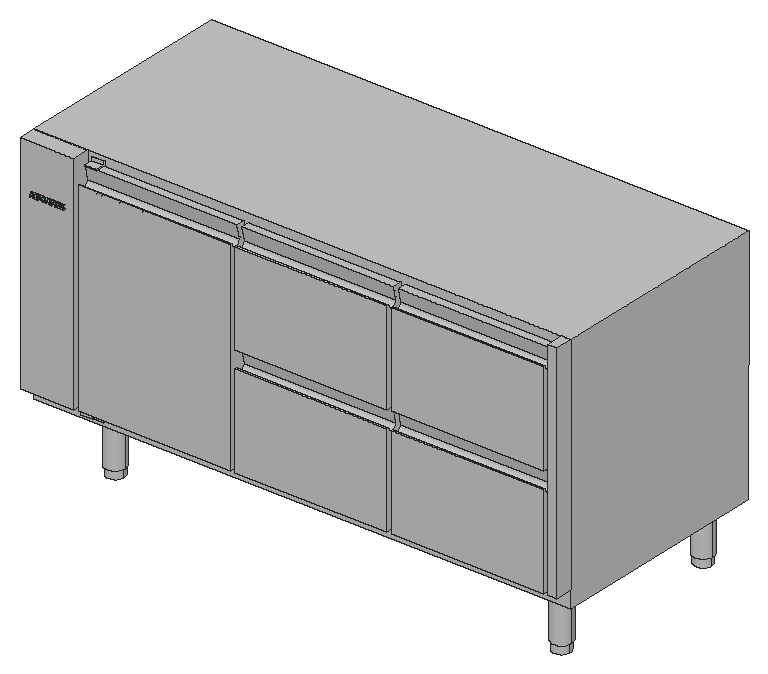
Revit family "QF_ALPENINOX_712153_AK3R7ABB", category Specialty Equipment, Revit 2018
Family settings
  Round Connector Dimension = Use Diameter
  Part Type = Normal
  Work Plane-Based = No
  Always vertical = Yes
  Cut with Voids When Loaded = No
  Shared = No
  Room Calculation Point = No
Parameters
  Weight = 0.00 kg
  Watts = 2.78709 W
  Volts = 220 V
  URL Manufacturer = "http://www.alpeninox.com"
  URL = "http://www.alpeninox.com"
  Steam Supply Size = 0 mm
  Steam Supply Minimum Pressure = 0.0 Pa
  Steam Supply Maximum Pressure = 0.0 Pa
  Steam Pounds per Hour = 0
  Refrigeration Suction Line Size = 0 mm
  Refrigeration Liquid Line Size = 0 mm
  Refrigerant Compressor Remote = yes
  Manufacturer = "Alpeninox"
  Phase = 1
  Model = "AK3R7ABB"
  Length Actual = 1557 mm  # constant formula
  Length = 1557 mm
  Item Number = "712153"
  Hot Water Size = 0 mm
  Height Actual = 850 mm  # constant formula
  Height = 700 mm
  HP = "0 HP"
  Gas Size = 0 mm
  Gas KW = 0
  Gas Input Pressure = 0 W
  Depth Actual = 700 mm  # constant formula
  Depth = 695 mm
  Description = "1 DOOR+4x½ DRAWER REF.TABLE -2C REM NO TOP"
  Cycle = 60 Hz
  Condensate Return Size = 0 mm
  Compressed Air Volume = 0.0 L/s
  Compressed Air Size = 0 mm
  Compressed Air Pressure = 0.0 Pa
  Cold Water Size = 0 mm
  Accessory = yes
Reference planes
  plane 1: z = 0
  plane 2 "Center (Left/Right)": x = -124.5
  plane 3 "Center (Front/Back)": y = 64.5
  plane 4 "FEET": z = 150
  plane 5 "TOP": z = 900
  plane 6 "PLAIN": z = 850
  plane 7 "EI_back": y = 359
  plane 8 "EI_left": x = -837
  plane 9 "BACK": y = 412
  plane 10 "FRONT": y = -283
  plane 11 "DOOR": y = -233
  plane 12 "LEFT": x = -903
  plane 13 "RIGHT": x = 654
  plane 14: x = -878
  plane 15: x = 629
  plane 16 "RO_left": x = -863
  plane 17 "RI_left": x = -811
  plane 18 "RO_back": y = 375.5
  plane 19 "RI_back": y = 375.5
  plane 20 "DRAINleft": x = -837
  plane 21 "DRAINback": y = 164
Forms (mm)
  Extrusion 1, solid, material "QF_Finishes_Stainless Steel"
    sketch origin (-1022.223, -1524, 150) x (-1, 0, 0) y (0, -1, 0)
      loop
        circle (-185.223, -1883) r 5
    from 0 to -40
  Extrusion 2, solid, material "QF_Finishes_Stainless Steel"
    sketch origin (-1022.223, -1524, 150) x (-1, 0, 0) y (0, -1, 0)
      loop
        line (-1651.223, -1291) -> (-1651.223, -1241) -> (-1676.223, -1241) -> (-1676.223, -1291) -> (-1651.223, -1291)
    from 48 to 700 <- "Height"
  Extrusion 3, solid, material "QF_Finishes_Stainless Steel"
    sketch origin (-1022.223, -1524, 150) x (-1, 0, 0) y (0, -1, 0)
      loop
        circle (-159.223, -1899.5) r 4.25
    from 0 to -20
  Extrusion 4, solid, material "QF_Finishes_Stainless Steel"
    sketch origin (-1022.223, -1524, 150) x (-1, 0, 0) y (0, -1, 0)
      loop
        circle (-211.223, -1899.5) r 4
    from 0 to -20
  Extrusion 5, solid, material "QF_Finishes_Stainless Steel"
    sketch origin (-1022.223, -1524, 150) x (-1, 0, 0) y (0, -1, 0)
      loop
        circle (-185.223, -1688) r 8.5
    from 0 to -40
  Extrusion 6, solid, material "QF_Finishes_Stainless Steel"
    sketch origin (-1022.223, -1524, 150) x (-1, 0, 0) y (0, -1, 0)
      loop
        line (-119.223, -1936) -> (-119.223, -1291) -> (-1676.223, -1291) -> (-1676.223, -1936) -> (-119.223, -1936)
    from 0 to 700 <- "Height"
Lines and regions (mm)
  symbolic lines, style "SpecialityEquipmentHiddenLines"
    curve 1: line (-903, 412, 150) -> (654, 412, 150)
    curve 2: line (-903, -283, 150) -> (-903, 412, 150)
    curve 3: line (654, -283, 150) -> (-903, -283, 150)
    curve 4: line (654, 412, 150) -> (654, -283, 150)
    curve 5: line (-903, -233, 150) -> (654, -233, 150)
    curve 6: line (629, -233, 150) -> (629, -283, 150)
Dimensions and locks
  plane 4 "FEET" to level = 150 mm
  plane 11 "DOOR" to plane 10 "FRONT" = 50 mm
  "Height": plane 6 "PLAIN" to plane 4 "FEET"
  plane 5 "TOP" to plane 6 "PLAIN" = 50 mm
  plane 12 "LEFT" to plane 14 = 25 mm
  plane 15 to plane 13 "RIGHT" = 25 mm
  plane 9 "BACK" to plane 18 "RO_back" = 36.5 mm
  plane 9 "BACK" to plane 7 "EI_back" = 53 mm
  plane 9 "BACK" to plane 19 "RI_back" = 36.5 mm
  plane 9 "BACK" to plane 21 "DRAINback" = 248 mm
  plane 12 "LEFT" to plane 20 "DRAINleft" = 66 mm
  plane 12 "LEFT" to plane 8 "EI_left" = 66 mm
  plane 12 "LEFT" to plane 17 "RI_left" = 92 mm
  plane 12 "LEFT" to plane 16 "RO_left" = 40 mm
  "Depth": plane 9 "BACK" to plane 10 "FRONT"
  equal spacing: plane 9 "BACK", plane 3 "Center (Front/Back)", plane 10 "FRONT"
  "Length": plane 12 "LEFT" to plane 13 "RIGHT"
  equal spacing: plane 12 "LEFT", plane 2 "Center (Left/Right)", plane 13 "RIGHT"
  aligned and locked: level to plane 1
Automatic sketch dimensions
  Extrusion 1 sketch curve to plane 7 "EI_back" = 0 mm
  Extrusion 1 sketch curve to plane 8 "EI_left" = 0 mm
  Extrusion 2 sketch curve to plane 11 "DOOR" = 0 mm
  Extrusion 2 sketch curve to plane 13 "RIGHT" = 0 mm
  Extrusion 2 sketch curve to plane 10 "FRONT" = 0 mm
  Extrusion 2 sketch curve to plane 15 = 0 mm
  Extrusion 3 sketch curve to plane 16 "RO_left" = 0 mm
  Extrusion 3 sketch curve to plane 18 "RO_back" = 0 mm
  Extrusion 4 sketch curve to plane 17 "RI_left" = 0 mm
  Extrusion 4 sketch curve to plane 19 "RI_back" = 0 mm
  Extrusion 5 sketch curve to plane 20 "DRAINleft" = 0 mm
  Extrusion 5 sketch curve to plane 21 "DRAINback" = 0 mm
  Extrusion 6 sketch curve to plane 9 "BACK" = 0 mm
  Extrusion 6 sketch curve to plane 13 "RIGHT" = 0 mm
  Extrusion 6 sketch curve to plane 11 "DOOR" = 0 mm
  Extrusion 6 sketch curve to plane 12 "LEFT" = 0 mm
  curve 1 to plane 13 "RIGHT" = 0 mm
  curve 6 to plane 15 = 0 mm
  curve 5 to plane 11 "DOOR" = 0 mm
  curve 5 to plane 12 "LEFT" = 0 mm
  curve 6 to plane 10 "FRONT" = 0 mm
  curve 1 to plane 9 "BACK" = 0 mm
  radius of Extrusion 1 sketch curve = 5 mm
  radius of Extrusion 3 sketch curve = 4.25 mm
  radius of Extrusion 4 sketch curve = 4 mm
  radius of Extrusion 5 sketch curve = 8.5 mm
Nested families
  nested 1: "Refrigerator" at (654, -283, 0), type "Refrigerator"
  nested 2: "FEET" at (-707, 331, 0), type "FEET"
  nested 3: "FEET" at (588, 331, 0), type "FEET"
  nested 4: "FEET" at (-707, -183, 0), type "FEET"
  nested 5: "FEET" at (588, -183, 0), type "FEET"
  nested 6: "APX_REM_TN_L" at (-746.08, -233, 598) x (1, 0, 0) z (0, -1, 0), type "APX_REM_TN_L"
    with Show Logo yes
  nested 7: "APX_SD_L" at (-513, -233, 512) x (1, 0, 0) z (0, -1, 0), type "APX_SD_L"
    with Show Clearance yes
  nested 8: "APX_HALF" at (-59, -233, 512) x (1, 0, 0) z (0, -1, 0), type "APX_HALF"
    with Show Clearance yes
  nested 9: "APX_HALF" at (395, -233, 512) x (1, 0, 0) z (0, -1, 0), type "APX_HALF"
    with Show Clearance yes
Connectors
  electrical at (-837, 359, 110), driven by "Volts"
    settings: on Extrusion 1, index 1, voltage 220 V, apparent load 0 VA, apparent load phase1 0 VA, apparent load phase2 0 VA, apparent load phase3 0 VA, power factor 1, load classification "Other", number of poles 1, system type 31, power factor state 1, is connector primary yes, connector utility no, sub classification motor no, connector description "Electrical Connection"
  piping at (-863, 375.5, 130), diameter 9.5
    settings: on Extrusion 3, index 3, connector inside diameter 609.6 mm, connector length 0 mm, flow factor 0, pipe flow 0.0 L/s, pressure drop 0.0 Pa, fitting loss kfactor 0, connector angle 0.00°, fixture units 0, engagement length 0 mm, angle of deflection 0.00°, flow configuration 1, flow direction 2, fitting loss method 0, system type 8, joint type 0, gender type 0, connector reference index -1, connector utility 0, adjustable connector no, is connector primary yes, connector description "Refrigerant Outlet"
  piping at (-811, 375.5, 130), diameter 8
    settings: on Extrusion 4, index 4, connector inside diameter 609.6 mm, connector length 0 mm, flow factor 0, pipe flow 0.0 L/s, pressure drop 0.0 Pa, fitting loss kfactor 0, connector angle 0.00°, fixture units 0, engagement length 0 mm, angle of deflection 0.00°, flow configuration 1, flow direction 1, fitting loss method 0, system type 7, joint type 0, gender type 0, connector reference index -1, connector utility 0, adjustable connector no, is connector primary no, connector description "Refrigerant Inlet"
  piping at (-837, 164, 110), diameter 17
    settings: on Extrusion 5, index 5, connector inside diameter 609.6 mm, connector length 0 mm, flow factor 0, pipe flow 0.0 L/s, pressure drop 0.0 Pa, fitting loss kfactor 0, connector angle 0.00°, fixture units 0, engagement length 0 mm, angle of deflection 0.00°, flow configuration 1, flow direction 2, fitting loss method 0, system type 16, joint type 0, gender type 0, connector reference index -1, connector utility 0, adjustable connector no, is connector primary no, connector description "Drain"
Definition of nested family "FEET"
  Parameters
    FEET = 150 mm
  Reference planes
    plane 1 "Center (Front/Back)": y = 0
    plane 2: z = 0
    plane 3 "Center (Left/Right)": x = 0
    plane 4: z = 150
  Forms (mm)
    Revolve 1, solid
      sketch origin (255.05, 0, 608.09) x (0, 0, 1) y (-1, 0, 0)
        loop
          line (-608.09, 255.05) -> (-608.09, 230.05) -> (-583.09, 230.05) -> (-583.09, 226.05) -> (-458.09, 226.05) -> (-458.09, 255.05) -> (-608.09, 255.05)
        axis (-608.09, 255.05) -> (-458.09, 255.05)
      angle from 0 to 360
  Dimensions and locks
    locked: Revolve 1 sketch curve to Revolve 1 sketch curve at 125
    "FEET": plane 4 to plane 2
    aligned and locked: level to plane 2
    aligned and locked: plane 4 to Revolve 1 sketch curve
    aligned and locked: Revolve 1 sketch curve to level
    aligned and locked: plane 3 "Center (Left/Right)" to Revolve 1 sketch curve
  Automatic sketch dimensions
    Revolve 1 sketch curve to plane 3 "Center (Left/Right)" = 0 mm
    Revolve 1 sketch curve to Revolve 1 sketch curve = 25 mm
    Revolve 1 sketch curve to Revolve 1 sketch curve = 29 mm
    plane 4 to Revolve 1 sketch curve = 50 mm
    Revolve 1 sketch curve to Revolve 1 sketch curve = 20 mm
Definition of nested family "APX_REM_TN_L"
  Parameters
    Show Logo [instance] = yes
    Default Elevation = 1219.2 mm
  Reference planes
    plane 1 "Centro (Fronte/Retro)": y = -74
    plane 2: z = 0
    plane 3 "Centro (Sinistra/Destra)": x = -78.92
  Forms (mm)
    Extrusion 1, solid
      sketch origin (0, 0, 0) x (1, 0, 0) y (0, 1, 0)
        loop
          line (-1219.2, 1219.2) -> (-1219.2, -1219.2) -> (1219.2, -1219.2) -> (1219.2, 1219.2) -> (-1219.2, 1219.2)
      from 0 to -304.8
    Extrusion 2, solid
      sketch origin (1.08, 0, 0) x (1, 0, 0) y (0, 1, 0)
        loop
          line (-158, 252) -> (-158, -400) -> (-2, -400) -> (-2, 252) -> (-158, 252)
      from 0 to 50
    Extrusion 3, solid
      sketch origin (44.22, -49.023, 0) x (1, 0, 0) y (0, 1, 0)
        loop
          line (-168.675, 170.349) -> (-172.411, 160.318)
          arc (-172.411, 160.318) -> (-171.624, 158.497) -> (-169.837, 159.36) r 1.374
          line (-169.837, 159.36) -> (-169.268, 161.111) -> (-164.1, 161.111) -> (-163.54, 159.379)
          arc (-163.54, 159.379) -> (-161.802, 158.542) -> (-161.049, 160.318) r 1.333
          line (-161.049, 160.318) -> (-164.694, 170.349)
          arc (-164.694, 170.349) -> (-166.685, 171.876) -> (-168.675, 170.349) r 2.06
        loop
          line (-166.681, 169.055) -> (-168.469, 163.655) -> (-164.935, 163.655) -> (-166.681, 169.055)
        loop
          arc (-159.705, 160.042) -> (-159.262, 158.973) -> (-158.194, 158.531) r 1.512
          line (-158.194, 158.531) -> (-153.608, 158.531)
          arc (-153.608, 158.531) -> (-152.337, 159.802) -> (-153.608, 161.074) r 1.272
          line (-153.608, 161.074) -> (-156.917, 161.074) -> (-156.917, 170.328)
          arc (-156.917, 170.328) -> (-158.311, 171.722) -> (-159.705, 170.328) r 1.394
          line (-159.705, 170.328) -> (-159.705, 160.042)
        loop
          line (-151.076, 170.218) -> (-151.076, 159.859)
          arc (-151.076, 159.859) -> (-149.683, 158.466) -> (-148.29, 159.859) r 1.393
          line (-148.29, 159.859) -> (-148.29, 162.882) -> (-146.225, 162.882)
          arc (-146.225, 162.882) -> (-142.999, 163.859) -> (-141.608, 166.928) r 4.082
          arc (-141.608, 166.928) -> (-142.993, 170.272) -> (-146.336, 171.657) r 4.728
          line (-146.336, 171.657) -> (-149.638, 171.657)
          arc (-149.638, 171.657) -> (-150.655, 171.235) -> (-151.076, 170.218) r 1.439
        loop
          line (-148.29, 165.313) -> (-146.388, 165.313)
          arc (-146.388, 165.313) -> (-144.433, 167.268) -> (-146.388, 169.222) r 1.955
          line (-146.388, 169.222) -> (-148.29, 169.222) -> (-148.29, 165.313)
        loop
          arc (-131.184, 166.332) -> (-132.004, 168.2) -> (-133.767, 169.228) r 3.3
          arc (-133.767, 169.228) -> (-136.353, 168.661) -> (-137.611, 166.332) r 3.176
          line (-137.611, 166.332) -> (-131.184, 166.332)
        loop
          line (-137.538, 163.743) -> (-130.544, 163.743)
          arc (-130.544, 163.743) -> (-129.292, 163.916) -> (-128.301, 164.701) r 2.4
          arc (-128.301, 164.701) -> (-128.155, 165.545) -> (-128.212, 166.399) r 3.635
          arc (-128.212, 166.399) -> (-130.364, 170.162) -> (-134.39, 171.769) r 6.579
          arc (-134.39, 171.769) -> (-138.918, 169.706) -> (-140.661, 165.044) r 6.501
          arc (-140.661, 165.044) -> (-139.276, 160.789) -> (-135.401, 158.549) r 6.252
          arc (-135.401, 158.549) -> (-132.922, 158.526) -> (-130.544, 159.232) r 8.361
          arc (-130.544, 159.232) -> (-129.466, 159.781) -> (-128.641, 160.666) r 3.486
          arc (-128.641, 160.666) -> (-128.419, 161.592) -> (-128.828, 162.451) r 1.425
          arc (-128.828, 162.451) -> (-129.368, 162.762) -> (-129.99, 162.762) r 1.203
          arc (-129.99, 162.762) -> (-130.406, 162.59) -> (-130.764, 162.316) r 1.724
          arc (-130.764, 162.316) -> (-131.666, 161.705) -> (-132.646, 161.229) r 7.6
          arc (-132.646, 161.229) -> (-135.676, 161.35) -> (-137.538, 163.743) r 3.6
        loop
          line (-126.669, 170.328) -> (-126.669, 159.859)
          arc (-126.669, 159.859) -> (-125.273, 158.463) -> (-123.878, 159.859) r 1.396
          line (-123.878, 159.859) -> (-123.878, 166.785) -> (-117.946, 159.029)
          arc (-117.946, 159.029) -> (-116.361, 158.51) -> (-115.379, 159.859) r 1.417
          line (-115.379, 159.859) -> (-115.379, 170.328)
          arc (-115.379, 170.328) -> (-116.774, 171.723) -> (-118.169, 170.328) r 1.395
          line (-118.169, 170.328) -> (-118.169, 163.311) -> (-124.101, 171.157)
          arc (-124.101, 171.157) -> (-125.687, 171.678) -> (-126.669, 170.328) r 1.418
        loop
          arc (-113.636, 159.859) -> (-112.241, 158.464) -> (-110.847, 159.859) r 1.394
          line (-110.847, 159.859) -> (-110.847, 170.328)
          arc (-110.847, 170.328) -> (-112.241, 171.723) -> (-113.636, 170.328) r 1.394
          line (-113.636, 170.328) -> (-113.636, 159.859)
        loop
          line (-109.102, 170.328) -> (-109.102, 159.859)
          arc (-109.102, 159.859) -> (-107.706, 158.463) -> (-106.31, 159.859) r 1.396
          line (-106.31, 159.859) -> (-106.31, 166.785) -> (-100.378, 159.029)
          arc (-100.378, 159.029) -> (-98.793, 158.51) -> (-97.812, 159.859) r 1.417
          line (-97.812, 159.859) -> (-97.812, 170.328)
          arc (-97.812, 170.328) -> (-99.207, 171.723) -> (-100.602, 170.328) r 1.395
          line (-100.602, 170.328) -> (-100.602, 163.311) -> (-106.533, 171.157)
          arc (-106.533, 171.157) -> (-108.119, 171.678) -> (-109.102, 170.328) r 1.418
        loop
          arc (-96.345, 165.093) -> (-95.619, 161.877) -> (-93.467, 159.379) r 6.806
          arc (-93.467, 159.379) -> (-91.792, 158.566) -> (-89.948, 158.31) r 5.956
          arc (-89.948, 158.31) -> (-88.104, 158.566) -> (-86.43, 159.379) r 5.956
          arc (-86.43, 159.379) -> (-84.277, 161.877) -> (-83.551, 165.093) r 6.806
          arc (-83.551, 165.093) -> (-84.277, 168.31) -> (-86.43, 170.808) r 6.806
          arc (-86.43, 170.808) -> (-88.104, 171.621) -> (-89.948, 171.877) r 5.956
          arc (-89.948, 171.877) -> (-91.792, 171.621) -> (-93.467, 170.808) r 5.956
          arc (-93.467, 170.808) -> (-95.619, 168.31) -> (-96.345, 165.093) r 6.806
        loop
          arc (-93.425, 165.093) -> (-93.138, 163.212) -> (-92.081, 161.629) r 4.387
          arc (-92.081, 161.629) -> (-91.087, 161.049) -> (-89.948, 160.881) r 3.035
          arc (-89.948, 160.881) -> (-88.809, 161.049) -> (-87.815, 161.629) r 3.035
          arc (-87.815, 161.629) -> (-86.759, 163.212) -> (-86.472, 165.093) r 4.387
          arc (-86.472, 165.093) -> (-86.759, 166.975) -> (-87.815, 168.558) r 4.387
          arc (-87.815, 168.558) -> (-88.809, 169.138) -> (-89.948, 169.306) r 3.035
          arc (-89.948, 169.306) -> (-91.087, 169.138) -> (-92.081, 168.558) r 3.035
          arc (-92.081, 168.558) -> (-93.138, 166.975) -> (-93.425, 165.093) r 4.387
        loop
          line (-82.843, 169.609) -> (-79.829, 165.552) -> (-83.513, 160.652)
          arc (-83.513, 160.652) -> (-83.216, 158.692) -> (-81.262, 159.029) r 1.388
          line (-81.262, 159.029) -> (-78.213, 163.232) -> (-75.164, 159.029)
          arc (-75.164, 159.029) -> (-73.211, 158.692) -> (-72.913, 160.652) r 1.388
          line (-72.913, 160.652) -> (-76.597, 165.552) -> (-73.584, 169.609)
          arc (-73.584, 169.609) -> (-73.952, 171.597) -> (-75.908, 171.084) r 1.38
          line (-75.908, 171.084) -> (-78.213, 167.841) -> (-80.519, 171.084)
          arc (-80.519, 171.084) -> (-82.474, 171.597) -> (-82.843, 169.609) r 1.38
      from 50 to 51.6
  Lines and regions (mm)
    Split face 1
      outline origin (1.08, 0, 50) x (1, 0, 0) y (0, 1, 0)
        loop
          line (-2, 188) -> (-158, 188)
    Split face 2
      outline origin (1.08, 0, 50) x (1, 0, 0) y (0, 1, 0)
        loop
          line (-158, 178) -> (-2, 178)
    Split face 3
      outline origin (1.08, 0, 50) x (1, 0, 0) y (0, 1, 0)
        loop
          line (-2, 104) -> (-158, 104)
    Split face 4
      outline origin (1.08, 0, 50) x (1, 0, 0) y (0, 1, 0)
        loop
          line (-2, 94) -> (-158, 94)
    Split face 5
      outline origin (1.08, 0, 50) x (1, 0, 0) y (0, 1, 0)
        loop
          line (-110, 163.931) -> (-110, 134.412) -> (-50, 134.412) -> (-50, 163.931) -> (-110, 163.931)
    Split face 6
      outline origin (1.08, 0, 50) x (1, 0, 0) y (0, 1, 0)
        loop
          line (-70, 160.931) -> (-70, 137.412) -> (-53, 137.412) -> (-53, 160.931) -> (-70, 160.931)
    symbolic lines
      curve 1: line (-2, -74, 50) -> (-2, -74, 0)
  Dimensions and locks
    equal spacing: Extrusion 2, plane 3 "Centro (Sinistra/Destra)", Extrusion 2
    equal spacing: Extrusion 2, plane 1 "Centro (Fronte/Retro)", Extrusion 2
    aligned and locked: plane 2 to Extrusion 1
    aligned and locked: level to Extrusion 1
  Automatic sketch dimensions
    curve 1 to level = 0 mm
    plane 3 "Centro (Sinistra/Destra)" to curve 1 = 76.92 mm
    curve 1 to curve 1 = 50 mm
    Extrusion 1 sketch curve to Extrusion 1 sketch curve = 2438.4 mm  (x2)
    Extrusion 2 sketch curve to plane 3 "Centro (Sinistra/Destra)" = 78 mm
    plane 3 "Centro (Sinistra/Destra)" to Extrusion 2 sketch curve = 78 mm
    plane 1 "Centro (Fronte/Retro)" to Extrusion 2 sketch curve = 326 mm
    Extrusion 2 sketch curve to plane 1 "Centro (Fronte/Retro)" = 326 mm
    Extrusion 3 sketch curve to plane 3 "Centro (Sinistra/Destra)" = 49.27 mm
    Extrusion 3 sketch curve to Extrusion 3 sketch curve = 1.266 mm
    Extrusion 3 sketch curve to Extrusion 3 sketch curve = 1.307 mm
    Extrusion 3 sketch curve to Extrusion 3 sketch curve = 0.57 mm
    Extrusion 3 sketch curve to Extrusion 3 sketch curve = 0.593 mm
    Extrusion 3 sketch curve to Extrusion 3 sketch curve = 0.799 mm
    Extrusion 3 sketch curve to Extrusion 3 sketch curve = 1.99 mm  (x2)
    Extrusion 3 sketch curve to Extrusion 3 sketch curve = 0.003 mm
    Extrusion 3 sketch curve to Extrusion 3 sketch curve = 3.534 mm
    Extrusion 3 sketch curve to Extrusion 3 sketch curve = 0.835 mm
    Extrusion 3 sketch curve to Extrusion 3 sketch curve = 0.56 mm
    Extrusion 3 sketch curve to Extrusion 3 sketch curve = 1.268 mm
    Extrusion 3 sketch curve to Extrusion 3 sketch curve = 1.223 mm
    Extrusion 3 sketch curve to Extrusion 3 sketch curve = 1.344 mm
    Extrusion 3 sketch curve to Extrusion 3 sketch curve = 1.394 mm  (x2)
    Extrusion 3 sketch curve to Extrusion 3 sketch curve = 1.512 mm
    Extrusion 3 sketch curve to Extrusion 3 sketch curve = 3.309 mm
    Extrusion 3 sketch curve to Extrusion 3 sketch curve = 5.841 mm
    Extrusion 3 sketch curve to Extrusion 3 sketch curve = 1.393 mm
    Extrusion 3 sketch curve to Extrusion 3 sketch curve = 1.439 mm
    Extrusion 3 sketch curve to Extrusion 3 sketch curve = 0 mm  (x19)
    Extrusion 3 sketch curve to Extrusion 3 sketch curve = 1.902 mm
    Extrusion 3 sketch curve to Extrusion 3 sketch curve = 0.052 mm
    Extrusion 3 sketch curve to Extrusion 3 sketch curve = 2.065 mm
    Extrusion 3 sketch curve to Extrusion 3 sketch curve = 0.647 mm
    Extrusion 3 sketch curve to Extrusion 3 sketch curve = 8.079 mm
    Extrusion 3 sketch curve to Extrusion 3 sketch curve = 0.073 mm
    Extrusion 3 sketch curve to Extrusion 3 sketch curve = 2.145 mm
    Extrusion 3 sketch curve to Extrusion 3 sketch curve = 2.931 mm
    Extrusion 3 sketch curve to Extrusion 3 sketch curve = 0.213 mm
    Extrusion 3 sketch curve to Extrusion 3 sketch curve = 0.026 mm
    Extrusion 3 sketch curve to Extrusion 3 sketch curve = 0.263 mm
    Extrusion 3 sketch curve to Extrusion 3 sketch curve = 0.516 mm
    Extrusion 3 sketch curve to Extrusion 3 sketch curve = 0.356 mm
    Extrusion 3 sketch curve to Extrusion 3 sketch curve = 0.387 mm
    Extrusion 3 sketch curve to Extrusion 3 sketch curve = 2.378 mm
    Extrusion 3 sketch curve to Extrusion 3 sketch curve = 2.466 mm
    Extrusion 3 sketch curve to Extrusion 3 sketch curve = 0.602 mm
    Extrusion 3 sketch curve to Extrusion 3 sketch curve = 1.02 mm
    Extrusion 3 sketch curve to Extrusion 3 sketch curve = 0.949 mm
    Extrusion 3 sketch curve to Extrusion 3 sketch curve = 1.728 mm
    Extrusion 3 sketch curve to Extrusion 3 sketch curve = 0.157 mm  (x2)
    Extrusion 3 sketch curve to Extrusion 3 sketch curve = 0.292 mm
    Extrusion 3 sketch curve to plane 3 "Centro (Sinistra/Destra)" = 3.529 mm
    Extrusion 3 sketch curve to Extrusion 3 sketch curve = 1.396 mm  (x2)
    Extrusion 3 sketch curve to Extrusion 3 sketch curve = 1.418 mm  (x2)
    Extrusion 3 sketch curve to plane 3 "Centro (Sinistra/Destra)" = 0.96 mm
    plane 3 "Centro (Sinistra/Destra)" to Extrusion 3 sketch curve = 4.971 mm
    Extrusion 3 sketch curve to Extrusion 3 sketch curve = 0.224 mm  (x2)
    Extrusion 3 sketch curve to Extrusion 3 sketch curve = 1.149 mm  (x2)
    Extrusion 3 sketch curve to Extrusion 3 sketch curve = 1.395 mm  (x2)
    Extrusion 3 sketch curve to Extrusion 3 sketch curve = 1.744 mm
    Extrusion 3 sketch curve to Extrusion 3 sketch curve = 1.745 mm
    Extrusion 3 sketch curve to Extrusion 3 sketch curve = 1.151 mm
    Extrusion 3 sketch curve to Extrusion 3 sketch curve = 5.709 mm
    Extrusion 3 sketch curve to Extrusion 3 sketch curve = 6.963 mm
    Extrusion 3 sketch curve to Extrusion 3 sketch curve = 0.493 mm  (x3)
    Extrusion 3 sketch curve to Extrusion 3 sketch curve = 0.273 mm  (x2)
    Extrusion 3 sketch curve to Extrusion 3 sketch curve = 0.021 mm  (x2)
    Extrusion 3 sketch curve to Extrusion 3 sketch curve = 0.226 mm  (x2)
    Extrusion 3 sketch curve to Extrusion 3 sketch curve = 0.268 mm  (x2)
    Extrusion 3 sketch curve to Extrusion 3 sketch curve = 0.294 mm
    Extrusion 3 sketch curve to Extrusion 3 sketch curve = 5.534 mm
    Extrusion 3 sketch curve to Extrusion 3 sketch curve = 6.205 mm
    Extrusion 3 sketch curve to Extrusion 3 sketch curve = 1.109 mm  (x2)
    Extrusion 3 sketch curve to Extrusion 3 sketch curve = 1.108 mm  (x2)
    Extrusion 3 sketch curve to Extrusion 3 sketch curve = 1.142 mm  (x2)
    Extrusion 3 sketch curve to Extrusion 3 sketch curve = 1.216 mm  (x2)
    Extrusion 3 sketch curve to Extrusion 3 sketch curve = 3.013 mm
    Extrusion 3 sketch curve to Extrusion 3 sketch curve = 1.616 mm  (x3)
    Extrusion 3 sketch curve to Extrusion 3 sketch curve = 2.305 mm
    Extrusion 3 sketch curve to Extrusion 3 sketch curve = 3.049 mm
    Extrusion 3 sketch curve to plane 1 "Centro (Fronte/Retro)" = 183.508 mm
    Extrusion 3 sketch curve to Extrusion 3 sketch curve = 0.498 mm
    Extrusion 3 sketch curve to Extrusion 3 sketch curve = 0.682 mm
    Extrusion 3 sketch curve to Extrusion 3 sketch curve = 0.664 mm
    Extrusion 3 sketch curve to Extrusion 3 sketch curve = 0.425 mm
    Extrusion 3 sketch curve to Extrusion 3 sketch curve = 0.41 mm
    Extrusion 3 sketch curve to Extrusion 3 sketch curve = 1.272 mm
    Extrusion 3 sketch curve to Extrusion 3 sketch curve = 0.789 mm  (x2)
    Extrusion 3 sketch curve to Extrusion 3 sketch curve = 0.056 mm
    Extrusion 3 sketch curve to Extrusion 3 sketch curve = 0.83 mm
    Extrusion 3 sketch curve to Extrusion 3 sketch curve = 1.238 mm
    Extrusion 3 sketch curve to Extrusion 3 sketch curve = 1.732 mm
    Extrusion 3 sketch curve to Extrusion 3 sketch curve = 0.346 mm
    Extrusion 3 sketch curve to Extrusion 3 sketch curve = 1.123 mm
    Extrusion 3 sketch curve to Extrusion 3 sketch curve = 3.023 mm
    Extrusion 3 sketch curve to Extrusion 3 sketch curve = 4.203 mm
    Extrusion 3 sketch curve to Extrusion 3 sketch curve = 3.452 mm  (x2)
    Extrusion 3 sketch curve to Extrusion 3 sketch curve = 2.544 mm
    Extrusion 3 sketch curve to Extrusion 3 sketch curve = 1.177 mm
    Extrusion 3 sketch curve to Extrusion 3 sketch curve = 3.261 mm
    Extrusion 3 sketch curve to Extrusion 3 sketch curve = 0.352 mm  (x2)
    Extrusion 3 sketch curve to Extrusion 3 sketch curve = 1.987 mm
    Extrusion 3 sketch curve to Extrusion 3 sketch curve = 0.171 mm
    Extrusion 3 sketch curve to Extrusion 3 sketch curve = 0.533 mm  (x3)
    Extrusion 3 sketch curve to Extrusion 3 sketch curve = 0.14 mm  (x4)
    Extrusion 3 sketch curve to Extrusion 3 sketch curve = 0.473 mm
    Extrusion 3 sketch curve to Extrusion 3 sketch curve = 0.31 mm  (x2)
    Extrusion 3 sketch curve to Extrusion 3 sketch curve = 0.075 mm
    Extrusion 3 sketch curve to Extrusion 3 sketch curve = 2.431 mm
    Extrusion 3 sketch curve to Extrusion 3 sketch curve = 2.32 mm  (x2)
    Extrusion 3 sketch curve to Extrusion 3 sketch curve = 1.992 mm
    Extrusion 3 sketch curve to Extrusion 3 sketch curve = 0.674 mm
    Extrusion 3 sketch curve to Extrusion 3 sketch curve = 0.732 mm
    Extrusion 3 sketch curve to Extrusion 3 sketch curve = 0.388 mm
    Extrusion 3 sketch curve to Extrusion 3 sketch curve = 0.121 mm
    Extrusion 3 sketch curve to Extrusion 3 sketch curve = 2.589 mm
    Extrusion 3 sketch curve to Extrusion 3 sketch curve = 0.662 mm
    Extrusion 3 sketch curve to Extrusion 3 sketch curve = 3.473 mm
    Extrusion 3 sketch curve to Extrusion 3 sketch curve = 0.681 mm
    Extrusion 3 sketch curve to Extrusion 3 sketch curve = 1.615 mm
    Extrusion 3 sketch curve to Extrusion 3 sketch curve = 0.34 mm
    Extrusion 3 sketch curve to Extrusion 3 sketch curve = 2.288 mm
    Extrusion 3 sketch curve to Extrusion 3 sketch curve = 0.942 mm
    Extrusion 3 sketch curve to Extrusion 3 sketch curve = 5.4 mm
    Extrusion 3 sketch curve to Extrusion 3 sketch curve = 1.768 mm  (x2)
    Extrusion 3 sketch curve to Extrusion 3 sketch curve = 0.761 mm
    Extrusion 3 sketch curve to Extrusion 3 sketch curve = 0.996 mm
    Extrusion 3 sketch curve to Extrusion 3 sketch curve = 3.543 mm  (x2)
    Extrusion 3 sketch curve to Extrusion 3 sketch curve = 7.017 mm
    Extrusion 3 sketch curve to Extrusion 3 sketch curve = 0.11 mm
    Extrusion 3 sketch curve to Extrusion 3 sketch curve = 0.823 mm  (x2)
    Extrusion 3 sketch curve to Extrusion 3 sketch curve = 0.947 mm
    Extrusion 3 sketch curve to Extrusion 3 sketch curve = 3.837 mm
    Extrusion 3 sketch curve to Extrusion 3 sketch curve = 0.623 mm
    Extrusion 3 sketch curve to Extrusion 3 sketch curve = 1.082 mm
    Extrusion 3 sketch curve to Extrusion 3 sketch curve = 0.801 mm
    Extrusion 3 sketch curve to Extrusion 3 sketch curve = 1 mm
    Extrusion 3 sketch curve to Extrusion 3 sketch curve = 0.089 mm
    Extrusion 3 sketch curve to Extrusion 3 sketch curve = 4.257 mm
    Extrusion 3 sketch curve to Extrusion 3 sketch curve = 4.345 mm  (x2)
    Extrusion 3 sketch curve to Extrusion 3 sketch curve = 2.576 mm
    Extrusion 3 sketch curve to Extrusion 3 sketch curve = 1.385 mm  (x4)
    Extrusion 3 sketch curve to Extrusion 3 sketch curve = 2.133 mm  (x4)
    Extrusion 3 sketch curve to Extrusion 3 sketch curve = 3.518 mm
    Extrusion 3 sketch curve to Extrusion 3 sketch curve = 5.603 mm
    Extrusion 3 sketch curve to Extrusion 3 sketch curve = 2.571 mm
    Split face 1 sketch curve to Extrusion 2 = 0 mm  (x2)
    Split face 1 sketch curve to Extrusion 2 = 64 mm
    Split face 2 sketch curve to Extrusion 2 = 0 mm
    Split face 2 sketch curve to Extrusion 2 = 74 mm
    Extrusion 2 to Split face 2 sketch curve = 0 mm
    Split face 3 sketch curve to Extrusion 2 = 0 mm  (x2)
    Split face 3 sketch curve to Extrusion 2 = 148 mm
    Split face 4 sketch curve to Extrusion 2 = 0 mm  (x2)
    Split face 4 sketch curve to Extrusion 2 = 158 mm
    Split face 5 sketch curve to Extrusion 2 = 48 mm  (x2)
    Split face 5 sketch curve to Extrusion 2 = 117.588 mm
    Split face 5 sketch curve to Split face 5 sketch curve = 29.518 mm
    Split face 6 sketch curve to Extrusion 2 = 68 mm
    Split face 6 sketch curve to Split face 6 sketch curve = 17 mm
    Split face 6 sketch curve to Extrusion 2 = 114.588 mm
    Split face 6 sketch curve to Split face 6 sketch curve = 23.518 mm
Definition of nested family "APX_SD_L"
  Parameters
    Show Clearance [instance] = yes
    Default Elevation = 1219.2 mm
  Reference planes
    plane 1 "Center (Front/Back)": y = 0
    plane 2: z = 0
    plane 3 "Center (Left/Right)": x = 0
    plane 4: x = -234
    plane 5: x = 234
  Forms (mm)
    Extrusion 1, solid
      sketch origin (0, 0, 0) x (1, 0, 0) y (0, 1, 0)
        loop
          line (-1219.2, 1219.2) -> (-1219.2, -1219.2) -> (1219.2, -1219.2) -> (1219.2, 1219.2) -> (-1219.2, 1219.2)
      from 0 to -304.8
    Extrusion 2, solid
      sketch origin (0, 0, -3) x (0, 1, 0) y (0, 0, 1)
        loop
          line (-314, 53) -> (-314, 3) -> (314, 3) -> (314, 29) -> (274.395, 20)
          arc (274.395, 20) -> (260.396, 33.803) -> (274, 47.994) r 14
          line (274, 47.994) -> (274, 53) -> (-314, 53)
      from -220 to 220
    Extrusion 3, solid
      sketch origin (0, 0, 0) x (0, 1, 0) y (0, 0, -1)
        loop
          line (-323.003, -40.312) -> (-323.003, -12.259) -> (-323.003, 0) -> (-351.511, 0) -> (-351.511, -2.5) -> (-325.503, -2.5) -> (-325.503, -42.812) -> (-316.501, -42.812) -> (-316.501, -40.312) -> (-323.003, -40.312)
        loop
          line (-314, -38.311) -> (-314, -11.804) -> (-319.752, -11.804) -> (-319.752, -14.304) -> (-316.501, -14.304) -> (-316.501, -38.311) -> (-314, -38.311)
        loop
          line (315.003, -27.948) -> (317.503, -27.948) -> (317.503, -2.5) -> (327.503, -2.5) -> (327.503, 0) -> (315.003, 0) -> (315.003, -2.948) -> (315.003, -27.948)
      from 185 to 220
    Extrusion 4, solid, visible <- "Show Clearance", detail levels coarse
      sketch origin (0, 0, -3) x (-1, 0, 0) y (0, 0, -1)
        loop
          line (220, -53) -> (-220, -53)
          arc (-220, -53) -> (-79.636, -340.04) -> (220, -451) r 430
          line (220, -451) -> (220, -53)
      from -314 to 314
  Lines and regions (mm)
    symbolic lines
      curve 1: arc (219.599, 0, 55) -> (95.934, 0, 321.503) -> (-170, 0, 446.39) r 430
      curve 2: line (-220, 0, 55) -> (-220, 0, 448)
      curve 3: line (-170, 0, 55) -> (-170, 0, 448)
      curve 4: line (-220, 0, 448) -> (-170, 0, 448)
  Dimensions and locks
    plane 4 to plane 3 "Center (Left/Right)" to plane 5 = 234 mm locked, 234 mm locked
    aligned and locked: plane 2 to Extrusion 1
    aligned and locked: level to Extrusion 1
Definition of nested family "APX_HALF"
  Parameters
    Show Clearance [instance] = yes
    Default Elevation = 1219.2 mm
  Reference planes
    plane 1 "Center (Front/Back)": y = 0
    plane 2: z = 0
    plane 3 "Center (Left/Right)": x = 0
    plane 4: x = -234
    plane 5: x = 234
    plane 6: z = 618
  Forms (mm)
    Extrusion 1, solid
      sketch origin (0, 0, 0) x (1, 0, 0) y (0, 1, 0)
        loop
          line (-1219.2, 1219.2) -> (-1219.2, -1219.2) -> (1219.2, -1219.2) -> (1219.2, 1219.2) -> (-1219.2, 1219.2)
      from 0 to -304.8
    Extrusion 2, solid
      sketch origin (0, 0, 0) x (0, 1, 0) y (0, 0, 1)
        loop
          line (314, 0) -> (314, 26) -> (274.395, 17)
          arc (274.395, 17) -> (260.395, 31) -> (274.395, 45) r 14
          line (274.395, 45) -> (274.395, 50) -> (5, 50) -> (5, 0) -> (314, 0)
        loop
          line (-5, 0) -> (-5, 26) -> (-44.605, 17)
          arc (-44.605, 17) -> (-58.605, 31) -> (-44.605, 45) r 14
          line (-44.605, 45) -> (-44.605, 50) -> (-314, 50) -> (-314, 0) -> (-5, 0)
      from -220 to 220
    Extrusion 3, solid, visible <- "Show Clearance", detail levels coarse
      sketch origin (0, 0, 512) x (0, 1, 0) y (0, 0, 1)
        loop
          line (-314, 106) -> (-314, -462) -> (-5, -462) -> (-5, 82) -> (-44.605, 73)
          arc (-44.605, 73) -> (-58.605, 87) -> (-44.605, 101) r 14
          line (-44.605, 101) -> (-44.605, 106) -> (-314, 106)
        loop
          line (314, -462) -> (314, 82) -> (274.395, 73)
          arc (274.395, 73) -> (260.395, 87) -> (274.395, 101) r 14
          line (274.395, 101) -> (274.395, 106) -> (5, 106) -> (5, -462) -> (314, -462)
      from -220 to 220
  Lines and regions (mm)
    symbolic lines
      curve 1: line (220, 0, 139.793) -> (-220, 0, 139.793)
      curve 2: line (220, 0, 174.793) -> (-220, 0, 174.793)
      curve 3: line (220, 0, 259.793) -> (-220, 0, 259.793)
      curve 4: line (220, 0, 294.793) -> (-220, 0, 294.793)
      curve 5: line (191.424, 0, 139.793) -> (191.424, 0, 54.793)
      curve 6: line (-190, 0, 139.793) -> (-190, 0, 54.793)
      curve 7: line (191.424, 0, 259.793) -> (191.424, 0, 174.793)
      curve 8: line (-190, 0, 259.793) -> (-190, 0, 174.793)
      curve 9: line (220, 0, 259.793) -> (220, 0, 294.793)
      curve 10: line (-220, 0, 259.793) -> (-220, 0, 294.793)
      curve 11: line (220, 0, 139.793) -> (220, 0, 174.793)
      curve 12: line (-220, 0, 139.793) -> (-220, 0, 174.793)
  Dimensions and locks
    plane 4 to plane 3 "Center (Left/Right)" to plane 5 = 234 mm locked, 234 mm locked
    plane 6 to level = 618 mm
    aligned and locked: plane 2 to Extrusion 1
    aligned and locked: level to Extrusion 1
Definition of nested family "Refrigerator"
  Reference planes
    plane 1 "Center (Front/Back)": y = 0
    plane 2: z = 0
    plane 3 "Center (Left/Right)": x = 0
  Lines and regions (mm)
    detail lines, in view "Ref. Level"
      curve 1: spline (-500, 190, 0) -> (-493.185, 166.706, 0) -> (-473.205, 145, 0) -> (-441.421, 126.36, 0) -> (-400, 112.058, 0) -> (-351.764, 103.067, 0) -> (-300, 100, 0) -> (-248.236, 103.067, 0) -> (-200, 112.058, 0) -> (-158.579, 126.36, 0) -> (-126.795, 145, 0) -> (-106.815, 166.706, 0) -> (-100, 190, 0) -> (-106.815, 213.294, 0) -> (-126.795, 235, 0) -> (-158.579, 253.64, 0) -> (-200, 267.942, 0) -> (-248.236, 276.933, 0) -> (-300, 280, 0) -> (-351.764, 276.933, 0) -> (-400, 267.942, 0) -> (-441.421, 253.64, 0) -> (-473.205, 235, 0) -> (-493.185, 213.294, 0) -> (-500, 190, 0)
      curve 2: line (-300, 130, 0) -> (-300, 250, 0)
      curve 3: line (-351.962, 220, 0) -> (-248.038, 160, 0)
      curve 4: line (-351.962, 160, 0) -> (-248.038, 220, 0)
      curve 5: line (-280.884, 246.873, 0) -> (-300, 225, 0)
      curve 6: line (-300, 225, 0) -> (-319.116, 246.873, 0)
      curve 7: line (-330.311, 207.5, 0) -> (-339.696, 234.992, 0)
      curve 8: line (-358.812, 201.882, 0) -> (-330.311, 207.5, 0)
      curve 9: line (-330.311, 172.5, 0) -> (-358.812, 178.118, 0)
      curve 10: line (-339.696, 145.008, 0) -> (-330.311, 172.5, 0)
      curve 11: line (-300, 155, 0) -> (-319.116, 133.127, 0)
      curve 12: line (-280.884, 133.127, 0) -> (-300, 155, 0)
      curve 13: line (-269.689, 172.5, 0) -> (-260.304, 145.008, 0)
      curve 14: line (-241.188, 178.118, 0) -> (-269.689, 172.5, 0)
      curve 15: line (-269.689, 207.5, 0) -> (-241.188, 201.882, 0)
      curve 16: line (-260.304, 234.992, 0) -> (-269.689, 207.5, 0)
